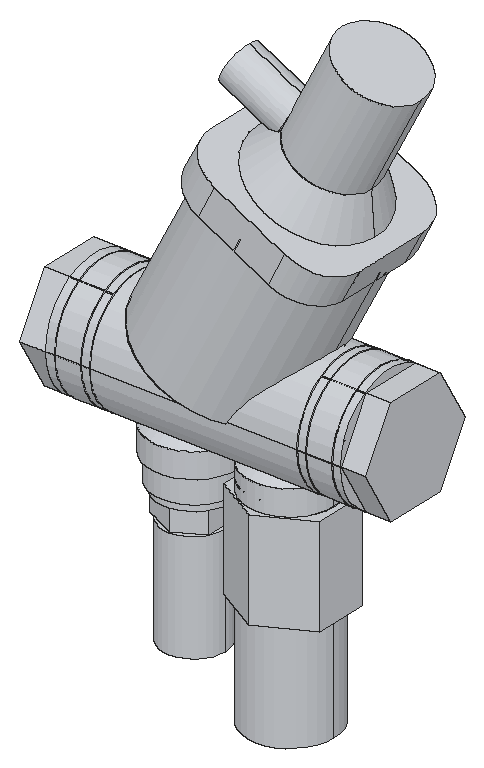
Revit family "PV_Compact_DN020_ 20-60_FF_měř-vyp_RFA_2018", category Pipe Accessories, Revit 2018
Family settings
  Round Connector Dimension = Use Diameter
  Part Type = Valve - Breaks Into
  Work Plane-Based = No
  Always vertical = Yes
  Cut with Voids When Loaded = No
  Shared = No
Parameters (values of type "PV Compact DN20 FF s měřením a vypouštěním (20-60kPa)")
  magiProductId = "6d4e29c475624129ae1d8630218e83"
  magiProductFamilyId = "88c57951ecb64b5d83dd1d4eb8fc72"
  magiPartTypeId = 304
  isMeasuringValve [instance] = no
  ang2D [instance] = 0.00°
  Z7 = 15 mm
  Z6 = 24.6 mm
  Z5 = 57.4 mm
  Z4 = 49.2 mm
  Z3 = 8.2 mm
  Z2 = 41 mm
  XR3 = 30 mm
  XR2 = 25 mm
  XR1 = 13 mm
  W2D = 15 mm
  VersionID = "2.0/2018.12.13.2/FRESE_PV_COMPACT_PLUG_Q13_001"
  Use Minimum Symbol Size [instance] = no
  URL = "www.hydronic.cz"
  Type Comments = "závitový s vnitřním závitem; s měřicí vsuvkou a vypouštěním; PN25; dpmax=450kPa; -10~+120°C"
  R5 = 5 mm
  R4 = 15 mm
  R3 = 10 mm
  R2 = 14 mm
  R1 = 19 mm
  QmdConnectorList = "301;D;302;D"
  Productdata [instance] = ""
  PH__ve = -PH  # -22.4 mm
  PH = 22.4 mm
  NL__ve = -NL  # -15.8 mm
  NL = 15.8 mm
  Manufacturer = "Hydronic Systems Prague s.r.o."
  MC Use Limits From Balancing Method = no
  MC Throttling Minimum Value = 0
  MC Throttling Maximum Value = 0
  MC Product Code = "53-3245 DN20; FF; nastavitelný rozsah dp=20~60kPa; Q=150~2000l/h;  kvs=3,5"
  MC Pressure Drop Minimum Value = 0.0 Pa
  MC Pressure Drop Maximum Value = 0.0 Pa
  MC Piping Given Pressure Drop [instance] = 0.0 Pa
  M5 = 33.7 mm
  M4 = 31.7 mm
  M3 = 25.7 mm
  M2 = 23.7 mm
  LP = 39.5 mm
  LM = 47.4 mm
  LL__ve = -LL  # -5.7 mm
  LLT__ve = -LLT  # -14.9 mm
  LLT = 14.9 mm
  LL2 = 32 mm
  LL = 5.7 mm
  L3 = 11 mm
  L2D_Min = 30.48 mm
  L2D = 65 mm
  Description = "Nastavitelný regulátor tlakové diference"
  DR1 = yes
  DR0 = no
  DL2 = 66 mm
  D = 20 mm
  CenSd_R2_6 = R2 * cos(30.00°)  # 12.124 mm
  CAT0 = yes
  C0D1 = yes
  C0D0 = no
Types (10, lengths in mm): name | magiProductId | Z6 | Z5 | Z4 | Z3 | Z2 | XR3 | XR2 | XR1 | R2 | R1 | PH__ve | PH | NL__ve | NL | MC Product Code | M5 | M4 | M3 | M2 | LP | LM | LL__ve | LLT__ve | LLT | LL2 | LL | L3 | DL2 | D | CenSd_R2_6
  PV Compact DN15 FF s měřením a vypouštěním (20-60kPa) | "ebd4dd38c61a47e78db1b31e427098" | 24.6 | 57.4 | 49.2 | 8.2 | 41 | 30 | 25 | 13 | 14 | 19 | -22.4 | 22.4 | -15 | 15 | "53-3243 DN15; FF; nastavitelný rozsah dp=20~60kPa; Q=100~1000l/h;  kvs=2,9" | 32.5 | 30.5 | 24.5 | 22.5 | 37.5 | 45 | -5.7 | -14.9 | 14.9 | 32 | 5.7 | 11 | 66 | 15 | 12.124
  PV Compact DN15 FF s měřením a vypouštěním ( 5-30kPa) | "1e13aaf8f1b54965adca1ab26bd771" | 24.6 | 57.4 | 49.2 | 8.2 | 41 | 30 | 25 | 13 | 14 | 19 | -22.4 | 22.4 | -15 | 15 | "53-3242 DN15; FF; nastavitelný rozsah dp=5~30kPa; Q=50~600l/h;  kvs=2,9" | 32.5 | 30.5 | 24.5 | 22.5 | 37.5 | 45 | -5.7 | -14.9 | 14.9 | 32 | 5.7 | 11 | 66 | 15 | 12.124
  PV Compact DN20 FF s měřením a vypouštěním (20-60kPa) | "6d4e29c475624129ae1d8630218e83" | 24.6 | 57.4 | 49.2 | 8.2 | 41 | 30 | 25 | 13 | 14 | 19 | -22.4 | 22.4 | -15.8 | 15.8 | "53-3245 DN20; FF; nastavitelný rozsah dp=20~60kPa; Q=150~2000l/h;  kvs=3,5" | 33.7 | 31.7 | 25.7 | 23.7 | 39.5 | 47.4 | -5.7 | -14.9 | 14.9 | 32 | 5.7 | 11 | 66 | 20 | 12.124
  PV Compact DN20 FF s měřením a vypouštěním ( 5-30kPa) | "3c7d936801344d2a9486b3d5f20c15" | 24.6 | 57.4 | 49.2 | 8.2 | 41 | 30 | 25 | 13 | 14 | 19 | -22.4 | 22.4 | -15.8 | 15.8 | "53-3244 DN20; FF; nastavitelný rozsah dp=5~30kPa; Q=100~1000l/h;  kvs=3,5" | 33.7 | 31.7 | 25.7 | 23.7 | 39.5 | 47.4 | -5.7 | -14.9 | 14.9 | 32 | 5.7 | 11 | 66 | 20 | 12.124
  PV Compact DN25 FF s měřením a vypouštěním ( 5-30kPa) | "40b783a088714ff8af367f7ba18a04" | 25.5 | 59.5 | 51 | 8.5 | 42.5 | 30 | 25 | 13 | 14 | 19 | -22.8 | 22.8 | -16.6 | 16.6 | "53-3251 DN25; FF; nastavitelný rozsah dp=5~30kPa; Q=600~2100l/h;  kvs=4,0" | 34.9 | 32.9 | 26.9 | 24.9 | 41.5 | 49.8 | -5.9 | -16.3 | 16.3 | 34 | 5.9 | 11 | 68 | 25 | 12.124
  PV Compact DN25L FF s měřením a vypouštěním (20-80kPa) | "7052257d0cc94620b8f60c4ac85ccd" | 40.2 | 93.8 | 80.4 | 13.4 | 67 | 42.5 | 37.5 | 25.5 | 26.5 | 31.5 | -23.6 | 23.6 | -20 | 20 | "53-3247 DN25; FF; nastavitelný rozsah dp=20~80kPa; Q=750~4200l/h;  kvs=8,7" | 40 | 38 | 32 | 30 | 50 | 60 | -6.3 | -19.1 | 19.1 | 38 | 6.3 | 11 | 72 | 25 | 22.95
  PV Compact DN25L FF s měřením a vypouštěním ( 5-30kPa) | "006ff7ff77e34fd39e52f3f4c37192" | 40.2 | 93.8 | 80.4 | 13.4 | 67 | 42.5 | 37.5 | 25.5 | 26.5 | 31.5 | -23.6 | 23.6 | -20 | 20 | "53-3246 DN25L; FF; nastavitelný rozsah dp=5~30kPa; Q=600~2500l/h;  kvs=8,7" | 40 | 38 | 32 | 30 | 50 | 60 | -6.3 | -19.1 | 19.1 | 38 | 6.3 | 11 | 72 | 25 | 22.95
  PV Compact DN32 FF s měřením a vypouštěním (20-80kPa) | "e53839f5e58040c69ad69dcf8b7122" | 40.2 | 93.8 | 80.4 | 13.4 | 67 | 42.5 | 37.5 | 25.5 | 26.5 | 31.5 | -24.6 | 24.6 | -20.8 | 20.8 | "53-3248 DN32; FF; nastavitelný rozsah dp=20~80kPa; Q=1000~5000l/h;  kvs=10,1" | 41.2 | 39.2 | 33.2 | 31.2 | 52 | 62.4 | -6.8 | -22.6 | 22.6 | 43 | 6.8 | 25 | 77 | 32 | 22.95
  PV Compact DN40 FF s měřením a vypouštěním (20-80kPa) | "edae53f0ee9843aa9c005a0dbc2db4" | 46.8 | 109.2 | 93.6 | 15.6 | 78 | 42.5 | 37.5 | 25.5 | 26.5 | 31.5 | -25.2 | 25.2 | -27.6 | 27.6 | "53-3249 DN40; FF; nastavitelný rozsah dp=20~80kPa; Q=3000~8000l/h;  kvs=15,8" | 51.4 | 49.4 | 43.4 | 41.4 | 69 | 82.8 | -7.1 | -24.7 | 24.7 | 46 | 7.1 | 25 | 80 | 40 | 22.95
  PV Compact DN50 FF s měřením a vypouštěním (20-80kPa) | "7572286e99104aaeaae4a504f9a6dd" | 46.8 | 109.2 | 93.6 | 15.6 | 78 | 42.5 | 37.5 | 25.5 | 35.25 | 31.5 | -26.4 | 26.4 | -27.6 | 27.6 | "53-3250 DN50; FF; nastavitelný rozsah dp=20~80kPa; Q=5000~11500l/h;  kvs=16,2" | 51.4 | 49.4 | 43.4 | 41.4 | 69 | 82.8 | -7.7 | -28.9 | 28.9 | 52 | 7.7 | 25 | 86 | 50 | 30.527
Reference planes
  plane 1 "Center (Front/Back)": y = 0
  plane 2 "XYPLANE": z = 0
  plane 3 "Center (Left/Right)": x = 0
  plane 4 "408": x = 39.5
  plane 5 "407": x = -39.5
  plane 6 "402": z = -66
  plane 7 "213": x = 11
  plane 8 "168": z = -10.9
  plane 9 "167": z = -12.9
  plane 10 "166": z = -18.6
  plane 11 "165": z = -24.3
  plane 12 "164": z = -26.3
  plane 13 "154": z = 0
  plane 14 "152": y = 0
  plane 15 "151": z = -32
  plane 16 "150": x = -11
  plane 17 "75": through (318.218, 0, 679.605) normal (0.891, 0, -0.454)
  plane 18 "74": x = 33.7
  plane 19 "73": x = 31.7
  plane 20 "72": x = 25.7
  plane 21 "71": x = 23.7
  plane 22 "70": x = -33.7
  plane 23 "69": x = -31.7
  plane 24 "68": x = -25.7
  plane 25 "67": y = 0
  plane 26 "66": through (-666.893, 0, 343.166) normal (0.454, 0, 0.891)
  plane 27 "65": x = -23.7
  plane 28 "64": through (335.147, 0, 670.979) normal (0.891, 0, -0.454)
  plane 29 "63": through (-649.641, 0, 377.024) normal (0.454, 0, 0.891)
  plane 30 "62": through (352.076, 0, 662.353) normal (0.891, 0, -0.454)
  plane 31 "61": y = 19
  plane 32 "60": y = -19
  plane 33 "59": through (-645.919, 0, 384.33) normal (0.454, 0, 0.891)
  plane 34 "58": through (-642.196, 0, 391.637) normal (0.454, 0, 0.891)
  plane 35 "57": through (313.763, 0, 681.875) normal (0.891, 0, -0.454)
  plane 36 "56": x = 0
  plane 37 "55": through (-668.255, 0, 340.493) normal (0.454, 0, 0.891)
  plane 38 "102XY": through (-668.255, 0, 340.493) normal (0.454, 0, 0.891)
  plane 39 "102XZ": y = 0
  plane 40 "102YZ": through (340.493, 0, 668.255) normal (0.891, 0, -0.454)
Forms (mm)
  Extrusion 1, solid
    sketch origin (39.5, -750, 0) x (0, 1, 0) y (0, 0, 1)
      loop
        line (764, 0) -> (757, 12.124) -> (743, 12.124) -> (736, 0) -> (743, -12.124) -> (757, -12.124) -> (764, 0)
    from 0 to -15.8 <- "NL__ve"
  Extrusion 2, solid
    sketch origin (-39.5, -750, 0) x (0, 1, 0) y (0, 0, 1)
      loop
        line (736, 0) -> (743, -12.124) -> (757, -12.124) -> (764, 0) -> (757, 12.124) -> (743, 12.124) -> (736, 0)
    from 0 to 15.8 <- "NL"
  Extrusion 3, solid, visible <- "C0D1"
    sketch origin (-750, 0, -66) x (1, 0, 0) y (0, 1, 0)
      loop
        circle (761, 0) r 10
    from 0 to 50
  Extrusion 4, solid, visible <- "DR1"
    sketch origin (-750, 0, -18.6) x (1, 0, 0) y (0, 1, 0)
      loop
        line (761, -12) -> (772.592, -6) -> (772.592, 6) -> (761, 12) -> (750.608, 6) -> (750.608, -6) -> (761, -12)
    from 0 to -22.4 <- "PH__ve"
  Extrusion 5, solid, visible <- "DR1"
    sketch origin (-750, 0, -18.6) x (1, 0, 0) y (0, 1, 0)
      loop
        circle (761, 0) r 10
    from 0 to 5.7 <- "LL"
  Blend 6, solid, visible <- "DR1"
    base sketch origin (-750, 0, -10.9) x (1, 0, 0) y (0, 1, 0)
      loop
        circle (761, 0) r 7.5
    top sketch origin (-750, 0, -10.9) x (1, 0, 0) y (0, 1, 0)
      loop
        circle (761, 0) r 10
    from 0 to -2
  Extrusion 7, solid, visible <- "DR1"
    sketch origin (-750, 0, 0) x (1, 0, 0) y (0, 1, 0)
      loop
        circle (761, 0) r 7.5
    from 0 to -14.9 <- "LLT__ve"
  Extrusion 8, solid, visible <- "C0D0"
    sketch origin (-750, 0, -32) x (1, 0, 0) y (0, 1, 0)
      loop
        circle (761, 0) r 6
    from 0 to -25
  Extrusion 9, solid, visible <- "DR0"
    sketch origin (-750, 0, -26.3) x (1, 0, 0) y (0, 1, 0)
      loop
        line (761, -7) -> (768.262, -3.5) -> (768.262, 3.5) -> (761, 7) -> (754.938, 3.5) -> (754.938, -3.5) -> (761, -7)
    from 0 to -5.7 <- "LL__ve"
  Extrusion 10, solid, visible <- "DR0"
    sketch origin (-750, 0, -26.3) x (1, 0, 0) y (0, 1, 0)
      loop
        circle (761, 0) r 7
    from 0 to 2
  Extrusion 11, solid, visible <- "DR0"
    sketch origin (-750, 0, -18.6) x (1, 0, 0) y (0, 1, 0)
      loop
        circle (761, 0) r 9
    from 0 to 5.7 <- "LL"
  Blend 12, solid, visible <- "DR0"
    base sketch origin (-750, 0, -10.9) x (1, 0, 0) y (0, 1, 0)
      loop
        circle (761, 0) r 6.5
    top sketch origin (-750, 0, -10.9) x (1, 0, 0) y (0, 1, 0)
      loop
        circle (761, 0) r 9
    from 0 to -2
  Extrusion 13, solid, visible <- "DR0"
    sketch origin (-750, 0, 0) x (1, 0, 0) y (0, 1, 0)
      loop
        circle (761, 0) r 6.5
    from 0 to -14.9 <- "LLT__ve"
  Extrusion 14, solid, visible <- "DR0"
    sketch origin (-750, 0, 0) x (1, 0, 0) y (0, 1, 0)
      loop
        circle (761, 0) r 6.5
    from 0 to -14.9 <- "LLT__ve"
  Blend 15, solid, visible <- "DR0"
    base sketch origin (-750, 0, -10.9) x (1, 0, 0) y (0, 1, 0)
      loop
        circle (761, 0) r 6.5
    top sketch origin (-750, 0, -10.9) x (1, 0, 0) y (0, 1, 0)
      loop
        circle (761, 0) r 9
    from 0 to -2
  Extrusion 16, solid, visible <- "DR0"
    sketch origin (-750, 0, -18.6) x (1, 0, 0) y (0, 1, 0)
      loop
        circle (761, 0) r 9
    from 0 to 5.7 <- "LL"
  Extrusion 17, solid, visible <- "DR0"
    sketch origin (-750, 0, -24.3) x (1, 0, 0) y (0, 1, 0)
      loop
        circle (761, 0) r 8
    from 0 to 5.7 <- "LL"
  Extrusion 18, solid, visible <- "DR0"
    sketch origin (-750, 0, -26.3) x (1, 0, 0) y (0, 1, 0)
      loop
        circle (761, 0) r 7
    from 0 to 2
  Extrusion 19, solid, visible <- "DR0"
    sketch origin (-750, 0, -26.3) x (1, 0, 0) y (0, 1, 0)
      loop
        line (761, -7) -> (768.262, -3.5) -> (768.262, 3.5) -> (761, 7) -> (754.938, 3.5) -> (754.938, -3.5) -> (761, -7)
    from 0 to -5.7 <- "LL__ve"
  Extrusion 20, solid, visible <- "C0D0"
    sketch origin (-750, 0, -32) x (1, 0, 0) y (0, 1, 0)
      loop
        circle (761, 0) r 6
    from 0 to -25
  Extrusion 21, solid, visible <- "CAT0"
    sketch origin (-750, 0, -32) x (1, 0, 0) y (0, 1, 0)
      loop
        circle (739, 0) r 7.2
    from 0 to -25
  Extrusion 22, solid
    sketch origin (-750, 0, -26.3) x (1, 0, 0) y (0, 1, 0)
      loop
        line (739, -7) -> (745.062, -3.5) -> (745.062, 3.5) -> (739, 7) -> (731.738, 3.5) -> (731.738, -3.5) -> (739, -7)
    from 0 to -5.7 <- "LL__ve"
  Extrusion 23, solid
    sketch origin (-750, 0, -26.3) x (1, 0, 0) y (0, 1, 0)
      loop
        circle (739, 0) r 8.2
    from 0 to 2
  Extrusion 24, solid
    sketch origin (-750, 0, -24.3) x (1, 0, 0) y (0, 1, 0)
      loop
        circle (739, 0) r 9.2
    from 0 to 5.7 <- "LL"
  Extrusion 25, solid
    sketch origin (-750, 0, -18.6) x (1, 0, 0) y (0, 1, 0)
      loop
        circle (739, 0) r 10.2
    from 0 to 5.7 <- "LL"
  Blend 26, solid
    base sketch origin (-750, 0, -10.9) x (1, 0, 0) y (0, 1, 0)
      loop
        circle (739, 0) r 7.7
    top sketch origin (-750, 0, -10.9) x (1, 0, 0) y (0, 1, 0)
      loop
        circle (739, 0) r 10.2
    from 0 to -2
  Extrusion 27, solid
    sketch origin (-750, 0, 0) x (1, 0, 0) y (0, 1, 0)
      loop
        circle (739, 0) r 7.7
    from 0 to -14.9 <- "LLT__ve"
  Blend 28, solid, visible <- "CAT0"
    base sketch origin (31.7, -750, 0) x (0, 1, 0) y (0, 0, 1)
      loop
        circle (750, 0) r 14
    top sketch origin (31.7, -750, 0) x (0, 1, 0) y (0, 0, 1)
      loop
        circle (750, 0) r 14
    from 0 to 2
  Extrusion 29, solid, visible <- "CAT0"
    sketch origin (25.7, -750, 0) x (0, 1, 0) y (0, 0, 1)
      loop
        circle (750, 0) r 14
    from 0 to 6
  Blend 30, solid, visible <- "CAT0"
    base sketch origin (23.7, -750, 0) x (0, 1, 0) y (0, 0, 1)
      loop
        circle (750, 0) r 14
    top sketch origin (23.7, -750, 0) x (0, 1, 0) y (0, 0, 1)
      loop
        circle (750, 0) r 14
    from 0 to 2
  Blend 31, solid, visible <- "CAT0"
    base sketch origin (-31.7, -750, 0) x (0, 1, 0) y (0, 0, 1)
      loop
        circle (750, 0) r 14
    top sketch origin (-31.7, -750, 0) x (0, 1, 0) y (0, 0, 1)
      loop
        circle (750, 0) r 14
    from 0 to -2
  Extrusion 32, solid, visible <- "CAT0"
    sketch origin (-31.7, -750, 0) x (0, 1, 0) y (0, 0, 1)
      loop
        circle (750, 0) r 14
    from 0 to 6
  Blend 33, solid, visible <- "CAT0"
    base sketch origin (-25.7, -750, 0) x (0, 1, 0) y (0, 0, 1)
      loop
        circle (750, 0) r 14
    top sketch origin (-25.7, -750, 0) x (0, 1, 0) y (0, 0, 1)
      loop
        circle (750, 0) r 14
    from 0 to 2
  Extrusion 34, solid, visible <- "CAT0"
    sketch origin (-23.7, -750, 0) x (0, 1, 0) y (0, 0, 1)
      loop
        circle (750, 0) r 14
    from 0 to 47.4 <- "LM"
  Extrusion 35, solid, visible <- "CAT0"
    sketch origin (-666.893, 0, 343.166) x (0.891007, 0, -0.45399) y (0, 1, 0)
      loop
        circle (744, 0) r 19
    from 0 to 41 <- "Z2"
  Extrusion 36, solid, visible <- "CAT0"
    sketch origin (-649.641, 0, 377.024) x (0.891007, 0, -0.45399) y (0, 1, 0)
      loop
        arc (735, 19) -> (727.929, 16.071) -> (725, 9) r 10
        line (725, 9) -> (725, -9)
        arc (725, -9) -> (727.929, -16.071) -> (735, -19) r 10
        line (735, -19) -> (753, -19)
        arc (753, -19) -> (760.071, -16.071) -> (763, -9) r 10
        line (763, -9) -> (763, 9)
        arc (763, 9) -> (760.071, 16.071) -> (753, 19) r 10
        line (753, 19) -> (735, 19)
    from 0 to 8.2 <- "Z3"
  Blend 37, solid, visible <- "CAT0"
    base sketch origin (-645.919, 0, 384.33) x (0.891007, 0, -0.45399) y (0, 1, 0)
      loop
        circle (744, 0) r 15
    top sketch origin (-645.919, 0, 384.33) x (0.891007, 0, -0.45399) y (0, 1, 0)
      loop
        circle (744, 0) r 10
    from 0 to 8.2
  Extrusion 38, solid, visible <- "CAT0"
    sketch origin (-642.196, 0, 391.637) x (0.891007, 0, -0.45399) y (0, 1, 0)
      loop
        circle (744, 0) r 10
    from 0 to 24.6 <- "Z6"
  Extrusion 39, solid, visible <- "CAT0"
    sketch origin (313.763, 0, 681.875) x (-0.45399, 0, -0.891007) y (0, 1, 0)
      loop
        circle (692.6, 0) r 5
    from 0 to 15 <- "Z7"
  Blend 40, solid, visible <- "CAT0"
    base sketch origin (-668.255, 0, 340.493) x (0.891007, 0, -0.45399) y (0, 1, 0)
      loop
        circle (744, 0) r 15
    top sketch origin (-668.255, 0, 340.493) x (0.891007, 0, -0.45399) y (0, 1, 0)
      loop
        circle (744, 0) r 19
    from 0 to 3
  Extrusion 41, solid, not visible
    sketch origin (-33.7, -750, 0) x (0, 1, 0) y (0, 0, 1)
      loop
        circle (750, 0) r 10
    from 0 to 10
  Extrusion 42, solid, not visible
    sketch origin (33.7, -750, 0) x (0, 1, 0) y (0, 0, 1)
      loop
        circle (750, 0) r 10
    from 0 to -10
Lines and regions (mm)
  reference lines, not visible
    curve 1: circle (2, 2, 0) r 1 normal (0, 0, 1)
  reference lines
    curve 2: line (39.5, 0, 0) -> (39.5, -3.5, 6.062)
    curve 3: line (39.5, 0, 0) -> (39.5, -7, 0)
    curve 4: line (39.5, 0, 0) -> (39.5, -3.5, -6.062)
    curve 5: line (-39.5, 0, 0) -> (-39.5, 3.5, 6.062)
    curve 6: line (-39.5, 0, 0) -> (-39.5, 7, 0)
    curve 7: line (-39.5, 0, 0) -> (-39.5, 3.5, -6.062)
Dimensions and locks
  plane 1 "Center (Front/Back)" to curve 1 = 2 mm
  "LP": plane 36 "56" to plane 4 "408"
  "LP": plane 36 "56" to plane 5 "407"
  "DL2": plane 2 "XYPLANE" to plane 6 "402"
  "L3": plane 3 "Center (Left/Right)" to plane 7 "213"
  locked: plane 9 "167" to plane 8 "168" at 2
  "LL": plane 10 "166" to plane 9 "167"
  "LL": plane 11 "165" to plane 10 "166"
  locked: plane 12 "164" to plane 11 "165" at 2
  "LL": plane 15 "151" to plane 12 "164"
  locked: plane 2 "XYPLANE" to plane 13 "154"
  locked: plane 1 "Center (Front/Back)" to plane 14 "152"
  "LL2": plane 2 "XYPLANE" to plane 15 "151"
  "L3": plane 3 "Center (Left/Right)" to plane 16 "150"
  "XR2": plane 40 "102YZ" to plane 17 "75"
  "M5": plane 3 "Center (Left/Right)" to plane 18 "74"
  "M4": plane 3 "Center (Left/Right)" to plane 19 "73"
  "M3": plane 3 "Center (Left/Right)" to plane 20 "72"
  "M2": plane 3 "Center (Left/Right)" to plane 21 "71"
  "M5": plane 3 "Center (Left/Right)" to plane 22 "70"
  "M4": plane 3 "Center (Left/Right)" to plane 23 "69"
  "M3": plane 3 "Center (Left/Right)" to plane 24 "68"
  locked: plane 14 "152" to plane 25 "67"
  locked: plane 38 "102XY" to plane 26 "66" at 3
  "M2": plane 3 "Center (Left/Right)" to plane 27 "65"
  locked: plane 40 "102YZ" to plane 28 "64" at 6
  "Z2": plane 38 "102XY" to plane 29 "63"
  "XR1": plane 40 "102YZ" to plane 30 "62"
  "R1": plane 14 "152" to plane 31 "61"
  "R1": plane 14 "152" to plane 32 "60"
  "Z4": plane 38 "102XY" to plane 33 "59"
  "Z5": plane 38 "102XY" to plane 34 "58"
  "XR3": plane 40 "102YZ" to plane 35 "57"
  locked: plane 3 "Center (Left/Right)" to plane 36 "56"
  locked: plane 38 "102XY" to plane 37 "55"
  "CenSd_R2_6": curve 2 to Extrusion 1 sketch curve  (x2)
  "CenSd_R2_6": curve 3 to Extrusion 1 sketch curve  (x2)
  "CenSd_R2_6": curve 4 to Extrusion 1 sketch curve  (x2)
  Extrusion 1 sketch curve to Extrusion 1 sketch curve = 0 mm  (x12)
  "CenSd_R2_6": curve 5 to Extrusion 2 sketch curve  (x2)
  "CenSd_R2_6": curve 6 to Extrusion 2 sketch curve  (x2)
  "CenSd_R2_6": curve 7 to Extrusion 2 sketch curve  (x2)
  Extrusion 2 sketch curve to Extrusion 2 sketch curve = 0 mm  (x12)
  Extrusion 4 sketch curve to Extrusion 4 sketch curve = 0 mm  (x12)
  Extrusion 9 sketch curve to Extrusion 9 sketch curve = 0 mm  (x12)
  Extrusion 19 sketch curve to Extrusion 19 sketch curve = 0 mm  (x12)
  Extrusion 22 sketch curve to Extrusion 22 sketch curve = 0 mm  (x12)
  Extrusion 36 sketch curve to Extrusion 36 sketch curve = 0 mm  (x16)
  "R2": radius of Blend 28 sketch curve  (x2)
  "R2": radius of Extrusion 29 sketch curve
  "R2": radius of Blend 30 sketch curve  (x2)
  "R2": radius of Blend 31 sketch curve  (x2)
  "R2": radius of Extrusion 32 sketch curve
  "R2": radius of Blend 33 sketch curve  (x2)
  "R2": radius of Extrusion 34 sketch curve
  "R1": radius of Extrusion 35 sketch curve
  radius of Extrusion 36 sketch curve = 10 mm  (x4)
  "R3": radius of Blend 37 sketch curve
  "R4": radius of Blend 37 sketch curve
  "R3": radius of Extrusion 38 sketch curve
  "R5": radius of Extrusion 39 sketch curve
  "R1": radius of Blend 40 sketch curve
  locked: curve 3 to curve 2 (angle 60.00°)
  locked: curve 4 to curve 3 (angle 60.00°)
  locked: curve 4 to curve 2 (angle 120.00°)
  locked: curve 6 to curve 5 (angle 60.00°)
  locked: curve 7 to curve 6 (angle 60.00°)
  locked: curve 7 to curve 5 (angle 120.00°)
  aligned and locked: level to plane 2 "XYPLANE"
  aligned and locked: plane 13 "154" to curve 4
  aligned and locked: curve 4 to plane 14 "152"
  aligned and locked: plane 13 "154" to curve 7
  aligned and locked: curve 7 to plane 14 "152"
  aligned and locked: plane 7 "213" to Extrusion 3 sketch curve
  aligned and locked: plane 14 "152" to Extrusion 3 sketch curve
  aligned and locked: plane 7 "213" to Extrusion 5 sketch curve
  aligned and locked: plane 14 "152" to Extrusion 5 sketch curve
  aligned and locked: plane 7 "213" to Blend 6 sketch curve  (x2)
  aligned and locked: plane 14 "152" to Blend 6 sketch curve  (x2)
  aligned and locked: Blend 6 to plane 9 "167"
  aligned and locked: plane 7 "213" to Extrusion 7 sketch curve
  aligned and locked: plane 14 "152" to Extrusion 7 sketch curve
  aligned and locked: plane 7 "213" to Extrusion 8 sketch curve
  aligned and locked: plane 14 "152" to Extrusion 8 sketch curve
  aligned and locked: plane 7 "213" to Extrusion 10 sketch curve
  aligned and locked: plane 14 "152" to Extrusion 10 sketch curve
  aligned and locked: plane 7 "213" to Extrusion 11 sketch curve
  aligned and locked: plane 14 "152" to Extrusion 11 sketch curve
  aligned and locked: plane 7 "213" to Blend 12 sketch curve  (x2)
  aligned and locked: plane 14 "152" to Blend 12 sketch curve  (x2)
  aligned and locked: Blend 12 to plane 9 "167"
  aligned and locked: plane 7 "213" to Extrusion 13 sketch curve
  aligned and locked: plane 14 "152" to Extrusion 13 sketch curve
  aligned and locked: plane 7 "213" to Extrusion 14 sketch curve
  aligned and locked: plane 14 "152" to Extrusion 14 sketch curve
  aligned and locked: plane 7 "213" to Blend 15 sketch curve  (x2)
  aligned and locked: plane 14 "152" to Blend 15 sketch curve  (x2)
  aligned and locked: Blend 15 to plane 9 "167"
  aligned and locked: plane 7 "213" to Extrusion 16 sketch curve
  aligned and locked: plane 14 "152" to Extrusion 16 sketch curve
  aligned and locked: plane 7 "213" to Extrusion 17 sketch curve
  aligned and locked: plane 14 "152" to Extrusion 17 sketch curve
  aligned and locked: plane 7 "213" to Extrusion 18 sketch curve
  aligned and locked: plane 14 "152" to Extrusion 18 sketch curve
  aligned and locked: plane 7 "213" to Extrusion 20 sketch curve
  aligned and locked: plane 14 "152" to Extrusion 20 sketch curve
  aligned and locked: plane 14 "152" to Extrusion 21 sketch curve
  aligned and locked: plane 16 "150" to Extrusion 21 sketch curve
  aligned and locked: plane 14 "152" to Extrusion 23 sketch curve
  aligned and locked: plane 16 "150" to Extrusion 23 sketch curve
  aligned and locked: plane 14 "152" to Extrusion 24 sketch curve
  aligned and locked: plane 16 "150" to Extrusion 24 sketch curve
  aligned and locked: plane 14 "152" to Extrusion 25 sketch curve
  aligned and locked: plane 16 "150" to Extrusion 25 sketch curve
  aligned and locked: plane 14 "152" to Blend 26 sketch curve  (x2)
  aligned and locked: plane 16 "150" to Blend 26 sketch curve  (x2)
  aligned and locked: Blend 26 to plane 9 "167"
  aligned and locked: plane 14 "152" to Extrusion 27 sketch curve
  aligned and locked: plane 16 "150" to Extrusion 27 sketch curve
  aligned and locked: plane 13 "154" to Blend 28 sketch curve  (x2)
  aligned and locked: Blend 28 sketch curve to plane 14 "152"  (x2)
  aligned and locked: plane 18 "74" to Blend 28
  aligned and locked: plane 13 "154" to Extrusion 29 sketch curve
  aligned and locked: Extrusion 29 sketch curve to plane 14 "152"
  aligned and locked: plane 13 "154" to Blend 30 sketch curve  (x2)
  aligned and locked: Blend 30 sketch curve to plane 14 "152"  (x2)
  aligned and locked: plane 20 "72" to Blend 30
  aligned and locked: plane 13 "154" to Blend 31 sketch curve  (x2)
  aligned and locked: Blend 31 sketch curve to plane 14 "152"  (x2)
  aligned and locked: Blend 31 to plane 22 "70"
  aligned and locked: plane 13 "154" to Extrusion 32 sketch curve
  aligned and locked: Extrusion 32 sketch curve to plane 14 "152"
  aligned and locked: plane 13 "154" to Blend 33 sketch curve  (x2)
  aligned and locked: Blend 33 sketch curve to plane 14 "152"  (x2)
  aligned and locked: plane 27 "65" to Blend 33
  aligned and locked: plane 13 "154" to Extrusion 34 sketch curve
  aligned and locked: Extrusion 34 sketch curve to plane 14 "152"
  aligned and locked: plane 25 "67" to Extrusion 35 sketch curve
  aligned and locked: Extrusion 35 sketch curve to plane 28 "64"
  aligned and locked: Extrusion 36 sketch curve to plane 17 "75"
  aligned and locked: Extrusion 36 sketch curve to plane 32 "60"
  aligned and locked: Extrusion 36 sketch curve to plane 30 "62"
  aligned and locked: plane 31 "61" to Extrusion 36 sketch curve
  aligned and locked: plane 25 "67" to Blend 37 sketch curve  (x2)
  aligned and locked: Blend 37 sketch curve to plane 28 "64"  (x2)
  aligned and locked: plane 34 "58" to Blend 37
  aligned and locked: plane 25 "67" to Extrusion 38 sketch curve
  aligned and locked: Extrusion 38 sketch curve to plane 28 "64"
  aligned and locked: plane 25 "67" to Extrusion 39 sketch curve
  aligned and locked: plane 34 "58" to Extrusion 39 sketch curve
  aligned and locked: plane 25 "67" to Blend 40 sketch curve  (x2)
  aligned and locked: Blend 40 sketch curve to plane 28 "64"  (x2)
  aligned and locked: plane 26 "66" to Blend 40
  aligned and locked: plane 13 "154" to Extrusion 41 sketch curve
  aligned and locked: Extrusion 41 sketch curve to plane 14 "152"
  aligned and locked: plane 13 "154" to Extrusion 42 sketch curve
  aligned and locked: Extrusion 42 sketch curve to plane 14 "152"
Automatic sketch dimensions
  plane 3 "Center (Left/Right)" to Extrusion 3 sketch curve = 1 mm
  Extrusion 4 sketch curve to plane 7 "213" = 0 mm  (x2)
  plane 3 "Center (Left/Right)" to Extrusion 4 sketch curve = 0.608 mm
  Extrusion 4 sketch curve to plane 21 "71" = 1.108 mm
  plane 32 "60" to Extrusion 4 sketch curve = 7 mm
  plane 1 "Center (Front/Back)" to Extrusion 4 sketch curve = 6 mm  (x2)
  Extrusion 4 sketch curve to plane 1 "Center (Front/Back)" = 6 mm  (x2)
  Extrusion 4 sketch curve to plane 31 "61" = 7 mm
  plane 3 "Center (Left/Right)" to Extrusion 5 sketch curve = 1 mm
  plane 3 "Center (Left/Right)" to Blend 6 sketch curve = 3.5 mm
  plane 3 "Center (Left/Right)" to Blend 6 sketch curve = 1 mm
  plane 3 "Center (Left/Right)" to Extrusion 7 sketch curve = 3.5 mm
  plane 3 "Center (Left/Right)" to Extrusion 8 sketch curve = 5 mm
  Extrusion 9 sketch curve to plane 7 "213" = 0 mm  (x2)
  plane 3 "Center (Left/Right)" to Extrusion 9 sketch curve = 4.938 mm
  Extrusion 9 sketch curve to plane 21 "71" = 5.438 mm
  plane 1 "Center (Front/Back)" to Extrusion 9 sketch curve = 7 mm
  plane 1 "Center (Front/Back)" to Extrusion 9 sketch curve = 3.5 mm  (x2)
  Extrusion 9 sketch curve to plane 1 "Center (Front/Back)" = 3.5 mm  (x2)
  Extrusion 9 sketch curve to Extrusion 9 sketch curve = 3.5 mm
  plane 3 "Center (Left/Right)" to Extrusion 10 sketch curve = 4 mm
  plane 3 "Center (Left/Right)" to Extrusion 11 sketch curve = 2 mm
  plane 3 "Center (Left/Right)" to Blend 12 sketch curve = 4.5 mm
  plane 3 "Center (Left/Right)" to Blend 12 sketch curve = 2 mm
  plane 3 "Center (Left/Right)" to Extrusion 13 sketch curve = 4.5 mm
  plane 3 "Center (Left/Right)" to Extrusion 14 sketch curve = 4.5 mm
  plane 3 "Center (Left/Right)" to Blend 15 sketch curve = 4.5 mm
  plane 3 "Center (Left/Right)" to Blend 15 sketch curve = 2 mm
  plane 3 "Center (Left/Right)" to Extrusion 16 sketch curve = 2 mm
  plane 3 "Center (Left/Right)" to Extrusion 17 sketch curve = 3 mm
  plane 3 "Center (Left/Right)" to Extrusion 18 sketch curve = 4 mm
  Extrusion 19 sketch curve to plane 7 "213" = 0 mm  (x2)
  plane 3 "Center (Left/Right)" to Extrusion 19 sketch curve = 4.938 mm
  Extrusion 19 sketch curve to plane 21 "71" = 5.438 mm
  plane 1 "Center (Front/Back)" to Extrusion 19 sketch curve = 7 mm
  plane 1 "Center (Front/Back)" to Extrusion 19 sketch curve = 3.5 mm  (x2)
  Extrusion 19 sketch curve to plane 1 "Center (Front/Back)" = 3.5 mm  (x2)
  Extrusion 19 sketch curve to Extrusion 19 sketch curve = 3.5 mm
  plane 3 "Center (Left/Right)" to Extrusion 20 sketch curve = 5 mm
  plane 27 "65" to Extrusion 21 sketch curve = 5.5 mm
  Extrusion 22 sketch curve to plane 16 "150" = 0 mm  (x2)
  plane 27 "65" to Extrusion 22 sketch curve = 5.438 mm
  Extrusion 22 sketch curve to plane 3 "Center (Left/Right)" = 4.938 mm
  plane 1 "Center (Front/Back)" to Extrusion 22 sketch curve = 7 mm
  plane 1 "Center (Front/Back)" to Extrusion 22 sketch curve = 3.5 mm  (x2)
  Extrusion 22 sketch curve to plane 1 "Center (Front/Back)" = 3.5 mm  (x2)
  Extrusion 22 sketch curve to Extrusion 22 sketch curve = 3.5 mm
  plane 27 "65" to Extrusion 23 sketch curve = 4.5 mm
  plane 27 "65" to Extrusion 24 sketch curve = 3.5 mm
  plane 27 "65" to Extrusion 25 sketch curve = 2.5 mm
  plane 27 "65" to Blend 26 sketch curve = 5 mm
  plane 27 "65" to Blend 26 sketch curve = 2.5 mm
  plane 27 "65" to Extrusion 27 sketch curve = 5 mm
  plane 17 "75" to Blend 40 sketch curve = 4 mm
  plane 32 "60" to Extrusion 41 sketch curve = 9 mm
  plane 32 "60" to Extrusion 42 sketch curve = 9 mm
  plane 3 "Center (Left/Right)" to curve 1 = 2 mm
  radius of curve 1 = 1 mm
Connectors
  piping at (-33.7, 0, 0), diameter 20, driven by "D"
    settings: on Extrusion 41, index 1, connector inside diameter 609.6 mm, connector length 0 mm, flow factor 0, pipe flow 0.0 L/s, pressure drop 0.0 Pa, fitting loss kfactor 0, connector angle 0.00°, fixture units 0, engagement length 0 mm, angle of deflection 0.00°, flow configuration 0, flow direction 0, fitting loss method 0, system type 29, joint type 0, gender type 0, connector reference index 2, connector utility 0, adjustable connector no, is connector primary yes, connector description ""
  piping at (33.7, 0, 0), diameter 20, driven by "D"
    settings: on Extrusion 42, index 2, connector inside diameter 609.6 mm, connector length 0 mm, flow factor 0, pipe flow 0.0 L/s, pressure drop 0.0 Pa, fitting loss kfactor 0, connector angle 0.00°, fixture units 0, engagement length 0 mm, angle of deflection 0.00°, flow configuration 0, flow direction 0, fitting loss method 0, system type 29, joint type 0, gender type 0, connector reference index 1, connector utility 0, adjustable connector no, is connector primary no, connector description ""
